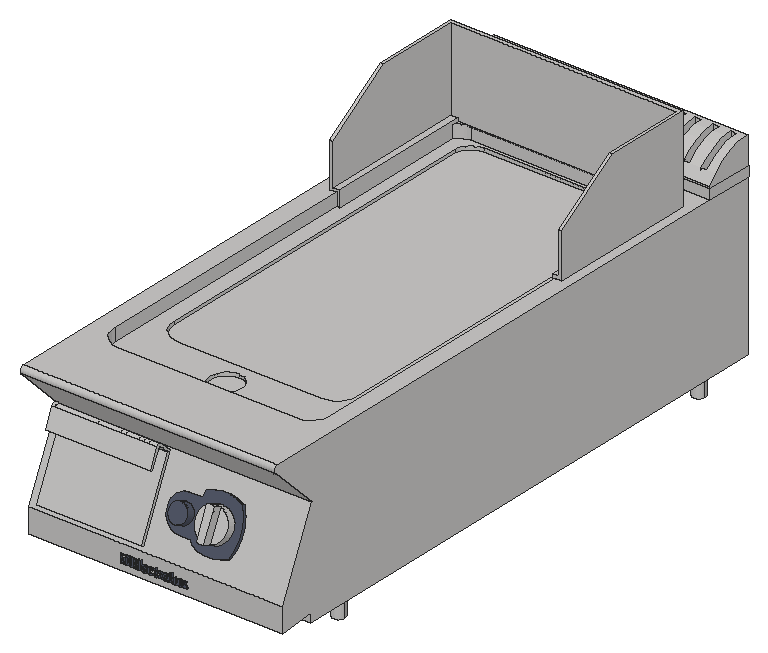
Revit family "QF_ELECTROLUXPROFESSIONAL_391354_E9IILAAOMCA", category Specialty Equipment, Revit 2018
Family settings
  Round Connector Dimension = Use Diameter
  Part Type = Normal
  Work Plane-Based = No
  Always vertical = Yes
  Cut with Voids When Loaded = No
  Shared = No
  Room Calculation Point = No
Parameters
  Width = 400 mm  # constant formula
  Weight in Pounds = 55  # constant formula
  Watts = 0 W
  URL Cutsheet = "www.electrolux.com/foodservice"
  URL = "www.electrolux.com/foodservice"
  Type Mark [instance] = ""
  Status [instance] = ""
  Specification by User [instance] = ""
  Specification by Manufacturer = ""
  Show Logo [instance] = yes
  Show Clearance [instance] = yes
  Serial Number = ""
  Seismic Rating = ""
  SMACNA No = ""
  Revision Code [instance] = ""
  Omniclass Number and Title = ""
  NAFEM Spec ID Number = ""
  Model = "391049"
  Mechanical Remarks [instance] = ""
  Mechanical Connection Type [instance] = ""
  Masterspec = ""
  Manufacturer = "ELECTROLUX"
  Item Number [instance] = ""
  Installed By [instance] = ""
  Identify Quantity as Lot [instance] = yes
  Height = 410 mm  # constant formula
  HP = "0 HP"
  Gas Size = 1/2"
  Gas RI Height [instance] = 0 mm
  Gas KW [instance] = 10
  Gas Input [instance] = 34090.0 Btu/h
  Gas Connection Height = 0 mm
  Furnished By [instance] = ""
  Foodservice Equipment Identifier [instance] = yes
  Direct Waste Size = 0"
  Description = "900XP HALF MODULE GAS FRY TOP, RIBBED SLOPED PLATE, MILD STEEL"
  Depth = 930 mm  # constant formula
  CSI MasterFormat = ""
  CSI Master Format = ""
  Base Height [instance] = 24 mm  # constant formula
Reference planes
  plane 1 "BACK": y = 0
  plane 2: z = 0
  plane 3 "LEFT": x = 0
  plane 4 "RIGHT": x = 400
  plane 5 "FRONT": y = -930
  plane 6 "TOP": z = 410
  plane 7 "Center Y": x = 200
  plane 8 "Center X": y = -465
  plane 9 "BASE": z = 24
  plane 10: y = -791
  plane 11: y = -83
  plane 12: x = 348
  plane 13: y = -1045
  plane 14: z = 275
  plane 15: y = -666
  plane 16: y = -346.873
Forms (mm)
  Extrusion 1, solid, material "QF_Clearances", visible <- "Show Clearance", detail levels coarse
    sketch origin (0, 0, 0) x (1, 0, 0) y (0, 1, 0)
      loop
        line (0, -930) -> (0, 0) -> (400.05, 0) -> (400.05, -930) -> (500.069, -930) -> (500.069, 100.019) -> (-100.019, 100.019) -> (-100.019, -930) -> (0, -930)
    from 0 to 410
  Extrusion 2, solid, material "QF_Finishes_Stainless Steel"
    sketch origin (0, -200, 0) x (0, 1, 0) y (0, 0, 1)
      loop
        line (200, 275) -> (-723.497, 275)
        arc (-723.497, 275) -> (-729.729, 270.836) -> (-728.267, 263.485) r 6.745
        line (-728.267, 263.485) -> (-657.416, 192.634) -> (-713.772, 70.59) -> (-713.772, 32.49) -> (-660.4, 38.1) -> (-660.4, 24) -> (200, 24) -> (200, 275)
    from 0 to 400.05
  Extrusion 3, void
    sketch origin (0, -202.381, 275.4) x (-1, 0, 0) y (0, -1, 0)
      loop
        arc (-55.4, -87.381) -> (-37.439, -79.942) -> (-30, -61.981) r 25.4
        line (-30, -61.981) -> (-30, 579.98)
        arc (-30, 579.98) -> (-40.99, 606.513) -> (-67.523, 617.504) r 37.523
        line (-67.523, 617.504) -> (-344.314, 617.504)
        arc (-344.314, 617.504) -> (-366.048, 608.501) -> (-375.05, 586.768) r 30.736
        line (-375.05, 586.768) -> (-375.05, -61.981)
        arc (-375.05, -61.981) -> (-367.611, -79.942) -> (-349.65, -87.381) r 25.4
        line (-349.65, -87.381) -> (-55.4, -87.381)
    from 0 to -20
  Extrusion 4, solid, material "QF_Finishes_Stainless Steel"
    sketch origin (0, -200, 0) x (1, 0, 0) y (0, 1, 0)
      loop
        circle (11.112, 117) r 9.525
      loop
        circle (11.112, -591) r 9.525
      loop
        circle (388.887, 117) r 9.525
      loop
        circle (388.888, -591) r 9.525
    from 0 to 24
  Extrusion 5, solid, material "QF_Finishes_Navy Blue - Electrolux"
    sketch origin (115.456, -913.772, 69.19) x (0, 0.419232, 0.907879) y (-1, 0, 0)
      loop
        arc (102.26, -132.62) -> (97.637, -130.762) -> (92.92, -129.161) r 90.355
        arc (92.92, -129.161) -> (93.04, -117.639) -> (92.027, -106.161) r 117.12
        arc (92.027, -106.161) -> (66.337, -82.611) -> (38.409, -103.459) r 27.322
        arc (38.409, -103.459) -> (36.611, -116.6) -> (37.509, -129.833) r 65.199
        arc (37.509, -129.833) -> (34.4, -130.94) -> (31.333, -132.16) r 90.355
        arc (31.333, -132.16) -> (24.504, -161.269) -> (31.333, -190.378) r 65.456
        arc (31.333, -190.378) -> (66.877, -199.452) -> (102.26, -189.765) r 71.728
        arc (102.26, -189.765) -> (108.852, -161.193) -> (102.26, -132.62) r 65.22
    from 0 to 3.175
  Extrusion 6, solid, material "QF_Finishes_Stainless Steel"
    sketch origin (115.456, -917.486, 68.721) x (0, 0.419232, 0.907879) y (-1, 0, 0)
      loop
        circle (68.826, -160.963) r 25.4
    from 0 to 12.7
  Extrusion 7, solid, material "QF_Finishes_Stainless Steel"
    sketch origin (115.456, -929.016, 74.045) x (0, 0.419232, 0.907879) y (-1, 0, 0)
      loop
        arc (93.558, -166.749) -> (94.226, -160.963) -> (93.558, -155.177) r 25.4
        line (93.558, -155.177) -> (44.094, -155.177)
        arc (44.094, -155.177) -> (43.426, -160.963) -> (44.094, -166.749) r 25.4
        line (44.094, -166.749) -> (93.558, -166.749)
    from 0 to 12.7
  Extrusion 8, solid, material "QF_Finishes_Navy Blue - Electrolux", visible <- "Show Logo"
    sketch origin (-142.26, -913.772, 35.853) x (0, 0, 1) y (-1, 0, 0)
      loop
        line (20.674, -296.698) -> (8.307, -296.698)
        arc (8.307, -296.698) -> (14.491, -301.27) -> (20.674, -296.698) r 6.467
      loop
        arc (20.674, -296.069) -> (19.505, -290.926) -> (14.849, -288.448) r 6.338
        line (14.849, -288.448) -> (14.849, -290.494)
        arc (14.849, -290.494) -> (16.333, -294.149) -> (19.778, -296.069) r 5.941
        line (19.778, -296.069) -> (20.674, -296.069)
      loop
        arc (9.203, -296.069) -> (12.648, -294.149) -> (14.132, -290.494) r 5.941
        line (14.132, -290.494) -> (14.132, -288.448)
        arc (14.132, -288.448) -> (9.438, -290.922) -> (8.148, -296.069) r 6.504
        line (8.148, -296.069) -> (9.203, -296.069)
      loop
        line (21.349, -287.979) -> (7.604, -287.979) -> (7.604, -301.742) -> (21.349, -301.742) -> (21.349, -287.979)
      loop
        arc (21.432, -304.71) -> (21.085, -304.352) -> (20.718, -304.69) r 0.358
        arc (20.718, -304.69) -> (20.404, -305.44) -> (19.687, -305.825) r 1.216
        line (19.687, -305.825) -> (9.274, -305.825)
        arc (9.274, -305.825) -> (8.614, -305.548) -> (8.218, -304.951) r 1.238
        arc (8.218, -304.951) -> (7.823, -304.7) -> (7.518, -305.054) r 0.358
        line (7.518, -305.054) -> (7.518, -314.933) -> (10.269, -314.933) -> (10.269, -314.036)
        arc (10.269, -314.036) -> (9.36, -313.456) -> (8.904, -312.479) r 1.928
        line (8.904, -312.479) -> (8.904, -309.98)
        arc (8.904, -309.98) -> (9.18, -309.251) -> (9.868, -308.887) r 1.101
        line (9.868, -308.887) -> (13.955, -308.887) -> (13.955, -312.561)
        arc (13.955, -312.561) -> (13.602, -313.058) -> (13.037, -313.286) r 1.083
        arc (13.037, -313.286) -> (12.773, -313.591) -> (13.065, -313.869) r 0.292
        line (13.065, -313.869) -> (16.028, -313.869)
        arc (16.028, -313.869) -> (16.33, -313.596) -> (16.092, -313.266) r 0.305
        arc (16.092, -313.266) -> (15.601, -313.018) -> (15.296, -312.561) r 1.083
        line (15.296, -312.561) -> (15.296, -308.887) -> (19.973, -308.887) -> (19.973, -312.635)
        arc (19.973, -312.635) -> (19.759, -313.39) -> (19.153, -313.888) r 1.314
        arc (19.153, -313.888) -> (18.934, -314.292) -> (19.288, -314.585) r 0.361
        line (19.288, -314.585) -> (21.432, -314.585) -> (21.432, -304.71)
      loop
        arc (20.715, -315.365) -> (20.335, -316.284) -> (19.416, -316.664) r 1.299
        line (19.416, -316.664) -> (9.837, -316.664)
        arc (9.837, -316.664) -> (8.999, -316.286) -> (8.728, -315.408) r 1.118
        line (8.728, -315.408) -> (7.518, -315.408) -> (7.518, -320.758) -> (8.706, -320.758)
        arc (8.706, -320.758) -> (8.978, -319.841) -> (9.848, -319.445) r 1.153
        line (9.848, -319.445) -> (21.92, -319.445) -> (20.715, -315.365)
      loop
        line (12.483, -323.394) -> (12.483, -329.842) -> (13.282, -329.842)
        arc (13.282, -329.842) -> (15.862, -328.857) -> (17.131, -326.404) r 3.874
        line (17.131, -326.404) -> (17.131, -324.643)
        arc (17.131, -324.643) -> (15.944, -321.778) -> (13.08, -320.592) r 4.051
        line (13.08, -320.592) -> (11.072, -320.592)
        arc (11.072, -320.592) -> (8.253, -322.077) -> (7.202, -325.084) r 4.352
        arc (7.202, -325.084) -> (7.566, -327.547) -> (8.943, -329.621) r 5.713
        line (8.943, -329.621) -> (9.892, -329.621)
        arc (9.892, -329.621) -> (9.16, -328.052) -> (8.943, -326.334) r 5.579
        arc (8.943, -326.334) -> (9.737, -324.371) -> (11.616, -323.394) r 3.057
        line (11.616, -323.394) -> (12.483, -323.394)
      loop
        line (13.742, -323.394) -> (13.742, -326.977)
        arc (13.742, -326.977) -> (15.199, -327.024) -> (16.082, -325.864) r 1.59
        line (16.082, -325.864) -> (16.082, -325.034)
        arc (16.082, -325.034) -> (15.217, -323.779) -> (13.742, -323.394) r 2.184
      loop
        arc (16.533, -339.259) -> (17.022, -337.585) -> (17.179, -335.848) r 9.023
        line (17.179, -335.848) -> (17.179, -334.486)
        arc (17.179, -334.486) -> (16.02, -331.686) -> (13.22, -330.527) r 3.959
        line (13.22, -330.527) -> (10.62, -330.527)
        arc (10.62, -330.527) -> (8.338, -331.819) -> (7.221, -334.192) r 4.331
        line (7.221, -334.192) -> (7.221, -336.327)
        arc (7.221, -336.327) -> (7.729, -337.877) -> (8.651, -339.223) r 5.772
        arc (8.651, -339.223) -> (9.412, -339.274) -> (9.499, -338.515) r 0.553
        arc (9.499, -338.515) -> (9.111, -337.781) -> (8.977, -336.962) r 2.573
        line (8.977, -336.962) -> (8.977, -335.447)
        arc (8.977, -335.447) -> (9.983, -333.806) -> (11.798, -333.163) r 2.884
        line (11.798, -333.163) -> (13.077, -333.163)
        arc (13.077, -333.163) -> (14.898, -333.723) -> (15.824, -335.388) r 2.554
        line (15.824, -335.388) -> (15.824, -336.441)
        arc (15.824, -336.441) -> (15.493, -337.369) -> (14.836, -338.104) r 2.564
        arc (14.836, -338.104) -> (14.614, -338.821) -> (15.223, -339.259) r 0.643
        line (15.223, -339.259) -> (16.533, -339.259)
      loop
        line (15.515, -339.53) -> (15.515, -341.031) -> (9.467, -341.031)
        arc (9.467, -341.031) -> (7.879, -341.688) -> (7.221, -343.276) r 2.246
        line (7.221, -343.276) -> (7.221, -344.86)
        arc (7.221, -344.86) -> (7.535, -345.725) -> (8.035, -346.496) r 4.06
        arc (8.035, -346.496) -> (8.768, -346.629) -> (9.019, -345.928) r 0.576
        arc (9.019, -345.928) -> (8.913, -345.403) -> (8.977, -344.87) r 1.69
        arc (8.977, -344.87) -> (9.519, -344.082) -> (10.425, -343.779) r 1.506
        line (10.425, -343.779) -> (15.563, -343.779) -> (15.563, -346.176) -> (16.119, -346.733) -> (16.941, -346.733) -> (16.941, -343.873) -> (20.172, -343.873) -> (15.515, -339.53)
      loop
        line (7.438, -347.63) -> (7.438, -353.017) -> (8.548, -353.017)
        arc (8.548, -353.017) -> (8.942, -352.066) -> (9.893, -351.672) r 1.345
        line (9.893, -351.672) -> (13.509, -351.672)
        arc (13.509, -351.672) -> (14.274, -352.264) -> (14.564, -353.186) r 1.615
        line (14.564, -353.186) -> (14.564, -354.742) -> (17.119, -355.427) -> (17.119, -354.044) -> (15.177, -351.485) -> (17.057, -351.485) -> (16.773, -348.779)
        arc (16.773, -348.779) -> (16.333, -348.249) -> (15.674, -348.45) r 0.621
        arc (15.674, -348.45) -> (15.274, -348.792) -> (14.78, -348.975) r 1.501
        line (14.78, -348.975) -> (9.893, -348.975)
        arc (9.893, -348.975) -> (8.942, -348.581) -> (8.548, -347.63) r 1.345
        line (8.548, -347.63) -> (7.438, -347.63)
      loop
        line (13.54, -354.964) -> (10.848, -354.964)
        arc (10.848, -354.964) -> (8.403, -356.272) -> (7.269, -358.803) r 4.288
        arc (7.269, -358.803) -> (7.205, -360.183) -> (7.269, -361.563) r 15.022
        arc (7.269, -361.563) -> (8.403, -364.094) -> (10.848, -365.401) r 4.288
        line (10.848, -365.401) -> (13.54, -365.401)
        arc (13.54, -365.401) -> (15.986, -364.094) -> (17.119, -361.563) r 4.288
        arc (17.119, -361.563) -> (17.183, -360.183) -> (17.119, -358.803) r 15.022
        arc (17.119, -358.803) -> (15.986, -356.272) -> (13.54, -354.964) r 4.288
      loop
        line (13.745, -358.078) -> (10.643, -358.078)
        arc (10.643, -358.078) -> (8.486, -360.235) -> (10.643, -362.392) r 2.157
        line (10.643, -362.392) -> (13.745, -362.392)
        arc (13.745, -362.392) -> (15.902, -360.235) -> (13.745, -358.078) r 2.157
      loop
        arc (20.726, -365.26) -> (20.355, -366.154) -> (19.461, -366.524) r 1.264
        line (19.461, -366.524) -> (9.597, -366.524)
        arc (9.597, -366.524) -> (8.727, -366.127) -> (8.455, -365.211) r 1.153
        line (8.455, -365.211) -> (7.518, -365.211) -> (7.518, -370.319) -> (8.446, -370.319)
        arc (8.446, -370.319) -> (8.805, -369.547) -> (9.597, -369.232) r 1.153
        line (9.597, -369.232) -> (21.92, -369.232) -> (20.726, -365.26)
      loop
        arc (15.846, -369.857) -> (15.647, -370.921) -> (14.678, -371.403) r 1.215
        line (14.678, -371.403) -> (9.658, -371.403)
        arc (9.658, -371.403) -> (8.043, -372.051) -> (7.322, -373.634) r 2.338
        line (7.322, -373.634) -> (7.322, -375.148)
        arc (7.322, -375.148) -> (7.497, -376.152) -> (7.999, -377.038) r 2.979
        line (7.999, -377.038) -> (7.518, -378.835) -> (7.518, -380.524) -> (16.943, -380.524) -> (16.649, -376.32) -> (15.863, -376.32)
        arc (15.863, -376.32) -> (15.507, -377.156) -> (14.755, -377.665) r 1.605
        line (14.755, -377.665) -> (9.652, -377.665)
        arc (9.652, -377.665) -> (9.232, -376.728) -> (9.159, -375.704) r 2.94
        arc (9.159, -375.704) -> (9.72, -374.603) -> (10.873, -374.16) r 1.724
        line (10.873, -374.16) -> (17.07, -374.16) -> (15.846, -369.857)
      loop
        line (16.874, -381.377) -> (15.202, -383.423) -> (12.028, -385.729) -> (8.572, -382.617)
        arc (8.572, -382.617) -> (8.335, -382.223) -> (8.357, -381.764) r 0.789
        line (8.357, -381.764) -> (7.518, -381.764) -> (7.518, -385.309) -> (8.344, -385.309)
        arc (8.344, -385.309) -> (8.686, -384.947) -> (9.176, -385.039) r 0.52
        line (9.176, -385.039) -> (10.976, -386.51) -> (8.858, -387.886)
        arc (8.858, -387.886) -> (8.457, -387.576) -> (8.37, -387.076) r 0.7
        line (8.37, -387.076) -> (7.518, -387.076) -> (7.518, -393.003) -> (8.405, -393.003)
        arc (8.405, -393.003) -> (8.472, -392.344) -> (8.866, -391.813) r 1.247
        line (8.866, -391.813) -> (13.066, -388.532) -> (15.513, -390.585) -> (16.874, -392.327) -> (16.874, -388.604) -> (15.389, -389.026) -> (13.868, -387.749) -> (15.568, -386.559) -> (16.874, -387.336) -> (16.874, -381.377)
    from 0 to 1.644
  Extrusion 9, solid, material "QF_Finishes_Stainless Steel"
    sketch origin (0, -200, 0) x (0, 1, 0) y (0, 0, 1)
      loop
        line (-658.831, 188.559) -> (-675.238, 204.966)
        arc (-675.238, 204.966) -> (-679.705, 206.368) -> (-683.409, 203.504) r 5.058
        line (-683.409, 203.504) -> (-696.071, 175.994) -> (-693.187, 174.666) -> (-680.525, 202.176)
        arc (-680.525, 202.176) -> (-679.146, 203.243) -> (-677.483, 202.721) r 1.883
        line (-677.483, 202.721) -> (-662.64, 187.878) -> (-713.474, 77.433) -> (-710.589, 76.105) -> (-658.831, 188.559)
    from 12.7 to 177.8
  Extrusion 10, solid, material "QF_Door-Drawer Clearances", visible <- "Show Clearance", detail levels coarse
    sketch origin (0, -301.6, 0) x (0, 1, 0) y (0, 0, 1)
      loop
        line (-576.323, 206.368) -> (-709.631, 206.368)
        arc (-709.631, 206.368) -> (-711.835, 205.39) -> (-713.335, 203.504) r 5.058
        line (-713.335, 203.504) -> (-725.997, 175.994) -> (-723.113, 174.666) -> (-710.451, 202.176)
        arc (-710.451, 202.176) -> (-709.072, 203.243) -> (-707.409, 202.721) r 1.883
        line (-707.409, 202.721) -> (-692.566, 187.878) -> (-743.4, 77.433) -> (-740.516, 76.105) -> (-608.989, 76.105) -> (-557.231, 188.559) -> (-573.638, 204.966)
        arc (-573.638, 204.966) -> (-574.873, 205.873) -> (-576.323, 206.368) r 5.058
    from 12.7 to 177.8
  Extrusion 11, solid, material "QF_Finishes_Stainless Steel"
    sketch origin (0, 0, 24) x (-1, 0, 0) y (0, 1, 0)
      loop
        circle (-348.05, -666) r 6.4
    from 0 to 18
  Extrusion 12, solid, material "QF_Finishes_Stainless Steel"
    sketch origin (0, -200, 0) x (0, -1, 0) y (0, 0, 1)
      loop
        line (-124.988, 275) -> (-124.988, 290) -> (-200, 290) -> (-200, 275) -> (-124.988, 275)
    from 0 to -400.05
  Extrusion 13, solid, material "QF_Finishes_Stainless Steel"
    sketch origin (0, 0, 0) x (0, 1, 0) y (0, 0, 1)
      loop
        line (0, 290) -> (0, 333.762)
        arc (0, 333.762) -> (-42.919, 323.313) -> (-75.012, 292.959) r 86.116
        line (-75.012, 292.959) -> (-75.012, 290) -> (0, 290)
    from 0 to 400
  Extrusion 14, void
    sketch origin (0, 0, 273.238) x (-1, 0, 0) y (0, -1, 0)
      loop
        line (-13.453, 6.761) -> (-13.453, 63.911) -> (-22.749, 63.911) -> (-22.749, 6.761) -> (-13.453, 6.761)
    from 25.4 to 63.5
  Extrusion 15, void
    sketch origin (400.05, 0, 273.238) x (1, 0, 0) y (0, 1, 0)
      loop
        line (-13.503, -6.761) -> (-22.799, -6.761) -> (-22.799, -63.911) -> (-13.503, -63.911) -> (-13.503, -6.761)
    from 25.4 to 63.5
  Extrusion 16, void
    sketch origin (27.988, 0, 273.238) x (-1, 0, 0) y (0, -1, 0)
      loop
        line (-13.453, 6.761) -> (-13.453, 63.911) -> (-22.749, 63.911) -> (-22.749, 6.761) -> (-13.453, 6.761)
    from 25.4 to 63.5
  Extrusion 17, void
    sketch origin (55.977, 0, 273.238) x (-1, 0, 0) y (0, -1, 0)
      loop
        line (-13.453, 6.761) -> (-13.453, 63.911) -> (-22.749, 63.911) -> (-22.749, 6.761) -> (-13.453, 6.761)
    from 25.4 to 63.5
  Extrusion 18, void
    sketch origin (83.965, 0, 273.238) x (-1, 0, 0) y (0, -1, 0)
      loop
        line (-13.428, 6.761) -> (-13.428, 63.911) -> (-22.724, 63.911) -> (-22.724, 6.761) -> (-13.428, 6.761)
    from 25.4 to 63.5
  Extrusion 19, void
    sketch origin (111.953, 0, 273.238) x (-1, 0, 0) y (0, -1, 0)
      loop
        line (-13.428, 6.761) -> (-13.428, 63.911) -> (-22.724, 63.911) -> (-22.724, 6.761) -> (-13.428, 6.761)
    from 25.4 to 63.5
  Extrusion 20, void
    sketch origin (139.942, 0, 273.238) x (-1, 0, 0) y (0, -1, 0)
      loop
        line (-13.428, 6.761) -> (-13.428, 63.911) -> (-22.724, 63.911) -> (-22.724, 6.761) -> (-13.428, 6.761)
    from 25.4 to 63.5
  Extrusion 21, void
    sketch origin (167.93, 0, 273.238) x (-1, 0, 0) y (0, -1, 0)
      loop
        line (-13.428, 6.761) -> (-13.428, 63.911) -> (-22.724, 63.911) -> (-22.724, 6.761) -> (-13.428, 6.761)
    from 25.4 to 63.5
  Extrusion 22, void
    sketch origin (307.872, 0, 273.238) x (-1, 0, 0) y (0, -1, 0)
      loop
        line (-13.403, 6.761) -> (-13.403, 63.911) -> (-22.699, 63.911) -> (-22.699, 6.761) -> (-13.403, 6.761)
    from 25.4 to 63.5
  Extrusion 23, void
    sketch origin (335.86, 0, 273.238) x (-1, 0, 0) y (0, -1, 0)
      loop
        line (-13.403, 6.761) -> (-13.403, 63.911) -> (-22.699, 63.911) -> (-22.699, 6.761) -> (-13.403, 6.761)
    from 25.4 to 63.5
  Extrusion 24, void
    sketch origin (228.013, 0, 273.238) x (-1, 0, 0) y (0, -1, 0)
      loop
        line (-13.428, 6.761) -> (-13.428, 63.911) -> (-22.724, 63.911) -> (-22.724, 6.761) -> (-13.428, 6.761)
    from 25.4 to 63.5
  Extrusion 25, void
    sketch origin (256.002, 0, 273.238) x (-1, 0, 0) y (0, -1, 0)
      loop
        line (-13.428, 6.761) -> (-13.428, 63.911) -> (-22.724, 63.911) -> (-22.724, 6.761) -> (-13.428, 6.761)
    from 25.4 to 63.5
  Extrusion 26, void
    sketch origin (283.99, 0, 273.238) x (-1, 0, 0) y (0, -1, 0)
      loop
        line (-13.403, 6.761) -> (-13.403, 63.911) -> (-22.699, 63.911) -> (-22.699, 6.761) -> (-13.403, 6.761)
    from 25.4 to 63.5
  Extrusion 27, void
    sketch origin (200.025, 0, 273.238) x (-1, 0, 0) y (0, -1, 0)
      loop
        line (-13.428, 6.761) -> (-13.428, 63.911) -> (-22.724, 63.911) -> (-22.724, 6.761) -> (-13.428, 6.761)
    from 25.4 to 63.5
  Extrusion 28, void
    sketch origin (0, -202.381, 255.4) x (0, -1, 0) y (-1, 0, 0)
      loop
        arc (-56.619, -55) -> (-74.579, -62.439) -> (-82.019, -80.4) r 25.4
        line (-82.019, -80.4) -> (-82.019, -322.6)
        arc (-82.019, -322.6) -> (-74.579, -340.561) -> (-56.619, -348) r 25.4
        line (-56.619, -348) -> (501.768, -348)
        arc (501.768, -348) -> (523.501, -338.998) -> (532.504, -317.264) r 30.736
        line (532.504, -317.264) -> (532.504, -92.523)
        arc (532.504, -92.523) -> (521.513, -65.99) -> (494.98, -55) r 37.523
        line (494.98, -55) -> (-56.619, -55)
      loop
        circle (572.619, -200) r 25
    from 0 to 5
  Extrusion 29, solid, material "QF_Finishes_Navy Blue - Electrolux"
    sketch origin (115.456, -916.655, 70.521) x (0, 0.419232, 0.907879) y (-1, 0, 0)
      loop
        circle (65.09, -109.237) r 15
    from 0 to 12.7
  Extrusion 30, solid, material "QF_Finishes_Stainless Steel"
    sketch origin (0, 0, 275) x (0, 0, -1) y (-1, 0, 0)
      loop
        line (19.6, -30) -> (0, -30) -> (0, -20) -> (-135, -20) -> (-135, -25) -> (-5, -25) -> (-5, -35) -> (19.6, -35) -> (19.6, -30)
      loop
        line (19.6, -375.05) -> (19.6, -370.05) -> (-5, -370.05) -> (-5, -380.05) -> (-135, -380.05) -> (-135, -385.05) -> (0, -385.05) -> (0, -375.05) -> (19.6, -375.05)
    from -110 to -346.873
  Extrusion 31, void
    sketch origin (385.05, 0, 292.959) x (0, 0, -1) y (0, -1, 0)
      loop
        line (-52.041, 346.873) -> (-117.041, 346.873) -> (-117.041, 246.781) -> (-52.041, 346.873)
    from 0 to 12.7
  Extrusion 32, void
    sketch origin (25, 0, 292.959) x (0, 0, -1) y (0, -1, 0)
      loop
        line (-52.041, 346.873) -> (-117.041, 346.873) -> (-117.041, 246.781) -> (-52.041, 346.873)
    from 0 to 12.7
  Extrusion 33, solid, material "QF_Finishes_Stainless Steel"
    sketch origin (0, -110, 275) x (0, 0, -1) y (-1, 0, 0)
      loop
        line (-135, -20) -> (-135, -385.05) -> (0, -385.05) -> (0, -20) -> (-135, -20)
    from 0 to -5
Cuts and joins
  Extrusion 3, Extrusion 28 cuts Extrusion 2
  Extrusion 14, Extrusion 15, Extrusion 16, Extrusion 17, Extrusion 18, Extrusion 19, Extrusion 20, Extrusion 21, Extrusion 22, Extrusion 23, Extrusion 24, Extrusion 25, Extrusion 26, Extrusion 27 cuts Extrusion 13
  Extrusion 24 cuts Extrusion 1
  Extrusion 31, Extrusion 32 cuts Extrusion 30
  joined: Extrusion 30, Extrusion 33
Lines and regions (mm)
  Split face 1
    outline origin (115.456, -928.185, 75.846) x (0, 0.419232, 0.907879) y (-1, 0, 0)
      loop
        line (78.679, -108.296) -> (67.103, -108.296) -> (67.103, -110.296) -> (78.679, -110.296) -> (78.679, -108.296)
  symbolic lines, style "QF_Clearances", visible <- "Show Clearance", detail levels coarse
    curve 1: line (-100.019, 100.019, 276.225) -> (-100.019, -930, 276.225)
    curve 2: line (500.069, 100.019, 276.225) -> (-100.019, 100.019, 276.225)
    curve 3: line (500.069, -930, 276.225) -> (500.069, 100.019, 276.225)
  symbolic lines
    curve 4: line (0, -75.012, 276.225) -> (400.05, -75.012, 276.225)
    curve 5: line (0, -930.25, 276.225) -> (0, 0, 276.225)
    curve 6: line (400.05, 0, 276.225) -> (400.05, -930.25, 276.225)
    curve 7: line (30, -346.873, 276.225) -> (30, -782.362, 276.225)
    curve 8: arc (30, -782.362, 276.225) -> (40.99, -808.895, 276.225) -> (67.523, -819.885, 276.225) r 37.523
    curve 9: arc (344.314, -819.885, 276.225) -> (366.048, -810.883, 276.225) -> (375.05, -789.149, 276.225) r 30.736
    curve 10: line (375.05, -789.149, 276.225) -> (375.05, -346.873, 276.225)
    curve 11: line (400.05, -930.25, 276.225) -> (0, -930.25, 276.225)
    curve 12: line (67.523, -819.885, 276.225) -> (344.314, -819.885, 276.225)
    curve 16: line (0, 0, 276.225) -> (400.05, 0, 276.225)
    curve 17: line (22.749, -6.761, 276.225) -> (22.749, -63.911, 276.225)
    curve 18: line (22.749, -63.911, 276.225) -> (13.453, -63.911, 276.225)
    curve 19: line (13.453, -63.911, 276.225) -> (13.453, -6.761, 276.225)
    curve 20: line (13.453, -6.761, 276.225) -> (22.749, -6.761, 276.225)
    curve 21: line (50.737, -6.761, 276.225) -> (50.737, -63.911, 276.225)
    curve 22: line (50.737, -63.911, 276.225) -> (41.441, -63.911, 276.225)
    curve 23: line (41.441, -63.911, 276.225) -> (41.441, -6.761, 276.225)
    curve 24: line (41.441, -6.761, 276.225) -> (50.737, -6.761, 276.225)
    curve 25: line (78.725, -6.761, 276.225) -> (78.725, -63.911, 276.225)
    curve 26: line (78.725, -63.911, 276.225) -> (69.43, -63.911, 276.225)
    curve 27: line (69.43, -63.911, 276.225) -> (69.43, -6.761, 276.225)
    curve 28: line (69.43, -6.761, 276.225) -> (78.725, -6.761, 276.225)
    curve 29: line (106.689, -6.761, 276.225) -> (106.689, -63.911, 276.225)
    curve 30: line (106.689, -63.911, 276.225) -> (97.393, -63.911, 276.225)
    curve 31: line (97.393, -63.911, 276.225) -> (97.393, -6.761, 276.225)
    curve 32: line (97.393, -6.761, 276.225) -> (106.689, -6.761, 276.225)
    curve 33: line (134.677, -6.761, 276.225) -> (134.677, -63.911, 276.225)
    curve 34: line (134.677, -63.911, 276.225) -> (125.381, -63.911, 276.225)
    curve 35: line (125.381, -63.911, 276.225) -> (125.381, -6.761, 276.225)
    curve 36: line (125.381, -6.761, 276.225) -> (134.677, -6.761, 276.225)
    curve 37: line (162.665, -6.761, 276.225) -> (162.665, -63.911, 276.225)
    curve 38: line (162.665, -63.911, 276.225) -> (153.37, -63.911, 276.225)
    curve 39: line (153.37, -63.911, 276.225) -> (153.37, -6.761, 276.225)
    curve 40: line (153.37, -6.761, 276.225) -> (162.665, -6.761, 276.225)
    curve 41: line (190.654, -6.761, 276.225) -> (190.654, -63.911, 276.225)
    curve 42: line (190.654, -63.911, 276.225) -> (181.358, -63.911, 276.225)
    curve 43: line (181.358, -63.911, 276.225) -> (181.358, -6.761, 276.225)
    curve 44: line (181.358, -6.761, 276.225) -> (190.654, -6.761, 276.225)
    curve 45: line (222.749, -6.761, 276.225) -> (222.749, -63.911, 276.225)
    curve 46: line (222.749, -63.911, 276.225) -> (213.453, -63.911, 276.225)
    curve 47: line (213.453, -63.911, 276.225) -> (213.453, -6.761, 276.225)
    curve 48: line (213.453, -6.761, 276.225) -> (222.749, -6.761, 276.225)
    curve 49: line (250.737, -6.761, 276.225) -> (250.737, -63.911, 276.225)
    curve 50: line (250.737, -63.911, 276.225) -> (241.441, -63.911, 276.225)
    curve 51: line (241.441, -63.911, 276.225) -> (241.441, -6.761, 276.225)
    curve 52: line (241.441, -6.761, 276.225) -> (250.737, -6.761, 276.225)
    curve 53: line (278.725, -6.761, 276.225) -> (278.725, -63.911, 276.225)
    curve 54: line (278.725, -63.911, 276.225) -> (269.43, -63.911, 276.225)
    curve 55: line (269.43, -63.911, 276.225) -> (269.43, -6.761, 276.225)
    curve 56: line (269.43, -6.761, 276.225) -> (278.725, -6.761, 276.225)
    curve 57: line (306.689, -6.761, 276.225) -> (306.689, -63.911, 276.225)
    curve 58: line (306.689, -63.911, 276.225) -> (297.393, -63.911, 276.225)
    curve 59: line (297.393, -63.911, 276.225) -> (297.393, -6.761, 276.225)
    curve 60: line (297.393, -6.761, 276.225) -> (306.689, -6.761, 276.225)
    curve 61: line (330.57, -6.761, 276.225) -> (330.57, -63.911, 276.225)
    curve 62: line (330.57, -63.911, 276.225) -> (321.275, -63.911, 276.225)
    curve 63: line (321.275, -63.911, 276.225) -> (321.275, -6.761, 276.225)
    curve 64: line (321.275, -6.761, 276.225) -> (330.57, -6.761, 276.225)
    curve 65: line (358.559, -6.761, 276.225) -> (358.559, -63.911, 276.225)
    curve 66: line (358.559, -63.911, 276.225) -> (349.263, -63.911, 276.225)
    curve 67: line (349.263, -63.911, 276.225) -> (349.263, -6.761, 276.225)
    curve 68: line (349.263, -6.761, 276.225) -> (358.559, -6.761, 276.225)
    curve 69: line (386.547, -6.761, 276.225) -> (386.547, -63.911, 276.225)
    curve 70: line (386.547, -63.911, 276.225) -> (377.251, -63.911, 276.225)
    curve 71: line (377.251, -63.911, 276.225) -> (377.251, -6.761, 276.225)
    curve 72: line (377.251, -6.761, 276.225) -> (386.547, -6.761, 276.225)
    curve 73: line (20, -110, 276.225) -> (20, -346.873, 276.225)
    curve 74: line (385.05, -110, 276.225) -> (20, -110, 276.225)
    curve 75: line (385.05, -346.873, 276.225) -> (385.05, -110, 276.225)
    curve 76: line (20, -346.873, 276.225) -> (35, -346.873, 276.225)
    curve 77: line (370.05, -346.873, 276.225) -> (385.05, -346.873, 276.225)
    curve 78: arc (55, -145.762, 276.225) -> (62.439, -127.802, 276.225) -> (80.4, -120.362, 276.225) r 25.4
    curve 79: line (80.4, -120.362, 276.225) -> (322.6, -120.362, 276.225)
    curve 80: arc (322.6, -120.362, 276.225) -> (340.561, -127.802, 276.225) -> (348, -145.762, 276.225) r 25.4
    curve 81: line (348, -145.762, 276.225) -> (348, -704.149, 276.225)
    curve 82: arc (348, -704.149, 276.225) -> (338.998, -725.883, 276.225) -> (317.264, -734.885, 276.225) r 30.736
    curve 83: line (317.264, -734.885, 276.225) -> (92.523, -734.885, 276.225)
    curve 84: arc (92.523, -734.885, 276.225) -> (65.99, -723.895, 276.225) -> (55, -697.362, 276.225) r 37.523
    curve 85: line (55, -697.362, 276.225) -> (55, -145.762, 276.225)
    curve 86: line (370.05, -346.873, 276.225) -> (370.05, -115, 276.225)
    curve 87: line (380.05, -115, 276.225) -> (380.05, -346.873, 276.225)
    curve 88: line (35, -346.873, 276.225) -> (35, -115, 276.225)
    curve 89: line (25, -346.873, 276.225) -> (25, -115, 276.225)
    curve 90: line (35, -115, 276.225) -> (380.05, -115, 276.225)
    curve 91: arc (370.05, -125.267, 276.225) -> (361.069, -117.712, 276.225) -> (349.65, -115, 276.225) r 25.4
    curve 92: arc (55.4, -115, 276.225) -> (43.981, -117.712, 276.225) -> (35, -125.267, 276.225) r 25.4
    curve 93: arc (200, -750, 276.225) -> (225, -775, 276.225) -> (200, -800, 276.225) r 25
    curve 94: arc (200, -800, 276.225) -> (175, -775, 276.225) -> (200, -750, 276.225) r 25
  symbolic lines, style "QF_Door-Drawer Clearances", visible <- "Show Clearance", detail levels coarse
    curve 13: line (12.7, -930.25, 276.225) -> (12.7, -1045, 276.225)
    curve 14: line (12.7, -1045, 276.225) -> (177.8, -1045, 276.225)
    curve 15: line (177.8, -1045, 276.225) -> (177.8, -930.25, 276.225)
Dimensions and locks
  equal spacing: plane 3 "LEFT", plane 7 "Center Y", plane 4 "RIGHT"
  "Width": plane 3 "LEFT" to plane 4 "RIGHT"
  equal spacing: plane 5 "FRONT", plane 8 "Center X", plane 1 "BACK"
  "Depth": plane 5 "FRONT" to plane 1 "BACK"
  plane 1 "BACK" to plane 5 "FRONT" = 930 mm
  "Base Height": plane 9 "BASE" to level
  plane 9 "BASE" to level = 24 mm
  plane 6 "TOP" to level = 410 mm
  plane 6 "TOP" to plane 9 "BASE" = 386 mm
  plane 13 to plane 1 "BACK" = 1045 mm
  plane 5 "FRONT" to plane 1 "BACK" = 930 mm
  Extrusion 4 sketch curve to plane 1 "BACK" = 83 mm
  plane 10 to plane 11 to plane 1 "BACK" = 708 mm, 83 mm
  Extrusion 4 sketch curve to Extrusion 4 sketch curve = 708 mm
  plane 5 "FRONT" to plane 10 = 139 mm
  Extrusion 11 to plane 9 "BASE" = 18 mm
  plane 14 to plane 9 "BASE" = 251 mm
  plane 15 to plane 1 "BACK" = 666 mm
  plane 9 "BASE" to plane 2 = 24 mm
  cut or joined group of Extrusion 13, Extrusion 14, Extrusion 15, Extrusion 16, Extrusion 17, Extrusion 18, Extrusion 19, Extrusion 20, Extrusion 21, Extrusion 22, Extrusion 23, Extrusion 24, Extrusion 25, Extrusion 26, Extrusion 27 to plane 9 "BASE" = 266 mm
  plane 5 "FRONT" to Extrusion 28 sketch curve = 155 mm
  aligned and locked: level to plane 2
  aligned and locked: plane 9 "BASE" to Extrusion 4
Automatic sketch dimensions
  plane 5 "FRONT" to Extrusion 1 sketch curve = 0 mm  (x2)
  plane 1 "BACK" to Extrusion 1 sketch curve = 0 mm
  Extrusion 1 sketch curve to plane 3 "LEFT" = 0 mm
  Extrusion 1 sketch curve to plane 3 "LEFT" = 100.019 mm
  plane 4 "RIGHT" to Extrusion 1 sketch curve = 0.05 mm
  Extrusion 1 sketch curve to Extrusion 1 sketch curve = 100.019 mm
  Extrusion 1 sketch curve to plane 1 "BACK" = 100.019 mm
  Extrusion 2 sketch curve to plane 14 = 0 mm
  Extrusion 2 sketch curve to plane 9 "BASE" = 0 mm
  Extrusion 2 sketch curve to plane 1 "BACK" = 0 mm
  plane 10 to Extrusion 2 sketch curve = 66.416 mm
  plane 9 "BASE" to Extrusion 2 sketch curve = 14.1 mm
  plane 10 to Extrusion 2 sketch curve = 69.4 mm
  Extrusion 2 sketch curve to plane 5 "FRONT" = 16.228 mm
  Extrusion 2 sketch curve to plane 5 "FRONT" = 6.503 mm
  Extrusion 2 sketch curve to plane 5 "FRONT" = 1.733 mm
  plane 9 "BASE" to Extrusion 2 sketch curve = 8.49 mm
  Extrusion 2 sketch curve to Extrusion 2 sketch curve = 38.1 mm
  Extrusion 2 sketch curve to plane 14 = 82.366 mm
  Extrusion 2 sketch curve to plane 14 = 11.515 mm
  plane 10 to Extrusion 4 sketch curve = 0 mm
  plane 11 to Extrusion 4 sketch curve = 0 mm
  plane 3 "LEFT" to Extrusion 4 sketch curve = 11.112 mm  (x2)
  Extrusion 4 sketch curve to plane 4 "RIGHT" = 11.113 mm  (x2)
  Extrusion 5 sketch curve to Extrusion 5 sketch curve = 0 mm  (x5)
  plane 7 "Center Y" to Extrusion 5 sketch curve = 37.638 mm
  Extrusion 5 sketch curve to Extrusion 5 sketch curve = 55.325 mm
  plane 12 to Extrusion 5 sketch curve = 42.166 mm
  Extrusion 5 sketch curve to Extrusion 5 sketch curve = 6.176 mm
  Extrusion 5 sketch curve to Extrusion 5 sketch curve = 0.9 mm
  Extrusion 5 sketch curve to Extrusion 5 sketch curve = 12.3 mm  (x2)
  Extrusion 5 sketch curve to Extrusion 5 sketch curve = 26.552 mm
  plane 12 to Extrusion 5 sketch curve = 17.051 mm
  Extrusion 5 sketch curve to Extrusion 5 sketch curve = 34.925 mm
  Extrusion 5 sketch curve to Extrusion 5 sketch curve = 1.296 mm
  Extrusion 5 sketch curve to Extrusion 5 sketch curve = 23.703 mm
  plane 7 "Center Y" to Extrusion 5 sketch curve = 21.617 mm
  Extrusion 5 sketch curve to Extrusion 5 sketch curve = 27.065 mm
  Extrusion 5 sketch curve to Extrusion 5 sketch curve = 0.893 mm
  Extrusion 5 sketch curve to Extrusion 5 sketch curve = 8.853 mm
  Extrusion 5 sketch curve to Extrusion 5 sketch curve = 9.34 mm
  Extrusion 5 sketch curve to Extrusion 5 sketch curve = 28.496 mm
  Extrusion 7 sketch curve to Extrusion 7 sketch curve = 24.732 mm
  Extrusion 7 sketch curve to Extrusion 7 sketch curve = 0 mm
  plane 9 "BASE" to Extrusion 8 sketch curve = 14.013 mm
  plane 9 "BASE" to Extrusion 8 sketch curve = 19.054 mm
  plane 7 "Center Y" to Extrusion 8 sketch curve = 2.6 mm
  Extrusion 8 sketch curve to Extrusion 8 sketch curve = 5.06 mm
  Extrusion 8 sketch curve to Extrusion 8 sketch curve = 0 mm  (x28)
  Extrusion 8 sketch curve to Extrusion 8 sketch curve = 5.108 mm  (x2)
  Extrusion 8 sketch curve to Extrusion 8 sketch curve = 0.054 mm
  Extrusion 8 sketch curve to Extrusion 8 sketch curve = 0.218 mm
  Extrusion 8 sketch curve to Extrusion 8 sketch curve = 0.195 mm
  Extrusion 8 sketch curve to Extrusion 8 sketch curve = 0.249 mm
  plane 9 "BASE" to Extrusion 8 sketch curve = 19.371 mm
  Extrusion 8 sketch curve to Extrusion 8 sketch curve = 0.087 mm
  Extrusion 8 sketch curve to Extrusion 8 sketch curve = 0.358 mm
  Extrusion 8 sketch curve to Extrusion 8 sketch curve = 0.481 mm
  Extrusion 8 sketch curve to Extrusion 8 sketch curve = 0.597 mm
  Extrusion 8 sketch curve to Extrusion 8 sketch curve = 0.544 mm
  Extrusion 8 sketch curve to Extrusion 8 sketch curve = 0.936 mm
  Extrusion 8 sketch curve to Extrusion 8 sketch curve = 0.594 mm
  Extrusion 8 sketch curve to Extrusion 8 sketch curve = 0.343 mm
  Extrusion 8 sketch curve to Extrusion 8 sketch curve = 0.159 mm
  Extrusion 8 sketch curve to Extrusion 8 sketch curve = 0.826 mm
  Extrusion 8 sketch curve to Extrusion 8 sketch curve = 0.839 mm
  Extrusion 8 sketch curve to Extrusion 8 sketch curve = 0.852 mm
  Extrusion 8 sketch curve to Extrusion 8 sketch curve = 0.887 mm
  Extrusion 8 sketch curve to Extrusion 8 sketch curve = 0.928 mm
  Extrusion 8 sketch curve to Extrusion 8 sketch curve = 0.938 mm
  Extrusion 8 sketch curve to Extrusion 8 sketch curve = 0.444 mm
  Extrusion 8 sketch curve to Extrusion 8 sketch curve = 1.11 mm  (x3)
  Extrusion 8 sketch curve to Extrusion 8 sketch curve = 0.215 mm
  Extrusion 8 sketch curve to Extrusion 8 sketch curve = 1.43 mm
  Extrusion 8 sketch curve to Extrusion 8 sketch curve = 1.188 mm
  Extrusion 8 sketch curve to Extrusion 8 sketch curve = 1.21 mm  (x2)
  Extrusion 8 sketch curve to Extrusion 8 sketch curve = 0.503 mm
  Extrusion 8 sketch curve to Extrusion 8 sketch curve = 0.488 mm
  Extrusion 8 sketch curve to Extrusion 8 sketch curve = 0.462 mm
  Extrusion 8 sketch curve to Extrusion 8 sketch curve = 1.386 mm
  Extrusion 8 sketch curve to Extrusion 8 sketch curve = 1.742 mm  (x2)
  Extrusion 8 sketch curve to Extrusion 8 sketch curve = 0.821 mm
  Extrusion 8 sketch curve to Extrusion 8 sketch curve = 0.497 mm
  Extrusion 8 sketch curve to Extrusion 8 sketch curve = 0.539 mm
  Extrusion 8 sketch curve to Extrusion 8 sketch curve = 0.686 mm
  Extrusion 8 sketch curve to Extrusion 8 sketch curve = 0.408 mm
  Extrusion 8 sketch curve to Extrusion 8 sketch curve = 0.743 mm
  Extrusion 8 sketch curve to Extrusion 8 sketch curve = 1.16 mm
  Extrusion 8 sketch curve to Extrusion 8 sketch curve = 0.329 mm
  Extrusion 8 sketch curve to Extrusion 8 sketch curve = 1.054 mm
  Extrusion 8 sketch curve to Extrusion 8 sketch curve = 1.056 mm
  Extrusion 8 sketch curve to Extrusion 8 sketch curve = 0.129 mm
  Extrusion 8 sketch curve to Extrusion 8 sketch curve = 0.489 mm
  Extrusion 8 sketch curve to Extrusion 8 sketch curve = 0.441 mm
  Extrusion 8 sketch curve to Extrusion 8 sketch curve = 1.151 mm
  Extrusion 8 sketch curve to Extrusion 8 sketch curve = 1.141 mm  (x2)
  Extrusion 8 sketch curve to Extrusion 8 sketch curve = 0.768 mm
  Extrusion 8 sketch curve to Extrusion 8 sketch curve = 1.653 mm
  Extrusion 8 sketch curve to Extrusion 8 sketch curve = 0.499 mm
  Extrusion 8 sketch curve to Extrusion 8 sketch curve = 0.964 mm
  Extrusion 8 sketch curve to Extrusion 8 sketch curve = 0.949 mm
  Extrusion 8 sketch curve to Extrusion 8 sketch curve = 1.345 mm  (x2)
  Extrusion 8 sketch curve to Extrusion 8 sketch curve = 1.101 mm
  Extrusion 8 sketch curve to Extrusion 8 sketch curve = 0.432 mm
  Extrusion 8 sketch curve to Extrusion 8 sketch curve = 1.142 mm
  Extrusion 8 sketch curve to Extrusion 8 sketch curve = 0.959 mm
  Extrusion 8 sketch curve to Extrusion 8 sketch curve = 0.176 mm
  Extrusion 8 sketch curve to Extrusion 8 sketch curve = 0.728 mm
  Extrusion 8 sketch curve to Extrusion 8 sketch curve = 3.375 mm  (x2)
  Extrusion 8 sketch curve to Extrusion 8 sketch curve = 0.541 mm
  Extrusion 8 sketch curve to Extrusion 8 sketch curve = 0.955 mm
  Extrusion 8 sketch curve to Extrusion 8 sketch curve = 1.251 mm
  Extrusion 8 sketch curve to Extrusion 8 sketch curve = 0.572 mm
  Extrusion 8 sketch curve to Extrusion 8 sketch curve = 1.92 mm
  Extrusion 8 sketch curve to Extrusion 8 sketch curve = 1.224 mm
  Extrusion 8 sketch curve to Extrusion 8 sketch curve = 0.745 mm
  Extrusion 8 sketch curve to Extrusion 8 sketch curve = 2.537 mm
  Extrusion 8 sketch curve to Extrusion 8 sketch curve = 0.896 mm  (x3)
  Extrusion 8 sketch curve to Extrusion 8 sketch curve = 0.036 mm
  Extrusion 8 sketch curve to Extrusion 8 sketch curve = 2.607 mm
  Extrusion 8 sketch curve to Extrusion 8 sketch curve = 0.066 mm
  Extrusion 8 sketch curve to Extrusion 8 sketch curve = 0.248 mm
  Extrusion 8 sketch curve to Extrusion 8 sketch curve = 0.449 mm
  Extrusion 8 sketch curve to Extrusion 8 sketch curve = 1.052 mm
  Extrusion 8 sketch curve to Extrusion 8 sketch curve = 1.863 mm
  Extrusion 8 sketch curve to Extrusion 8 sketch curve = 1.31 mm  (x2)
  Extrusion 8 sketch curve to Extrusion 8 sketch curve = 0.901 mm
  Extrusion 8 sketch curve to Extrusion 8 sketch curve = 1.107 mm
  Extrusion 8 sketch curve to Extrusion 8 sketch curve = 2.122 mm
  Extrusion 8 sketch curve to Extrusion 8 sketch curve = 2.101 mm
  Extrusion 8 sketch curve to Extrusion 8 sketch curve = 0.106 mm
  Extrusion 8 sketch curve to Extrusion 8 sketch curve = 0.029 mm
  Extrusion 8 sketch curve to Extrusion 8 sketch curve = 2.09 mm
  Extrusion 8 sketch curve to Extrusion 8 sketch curve = 1.279 mm
  Extrusion 8 sketch curve to Extrusion 8 sketch curve = 2.008 mm
  Extrusion 8 sketch curve to Extrusion 8 sketch curve = 0.738 mm
  Extrusion 8 sketch curve to Extrusion 8 sketch curve = 0.382 mm
  Extrusion 8 sketch curve to Extrusion 8 sketch curve = 0.384 mm
  Extrusion 8 sketch curve to Extrusion 8 sketch curve = 0.002 mm
  Extrusion 8 sketch curve to Extrusion 8 sketch curve = 0.561 mm
  Extrusion 8 sketch curve to Extrusion 8 sketch curve = 0.592 mm
  Extrusion 8 sketch curve to Extrusion 8 sketch curve = 2.692 mm
  Extrusion 8 sketch curve to Extrusion 8 sketch curve = 1.259 mm
  Extrusion 8 sketch curve to Extrusion 8 sketch curve = 0.802 mm
  Extrusion 8 sketch curve to Extrusion 8 sketch curve = 1.024 mm
  Extrusion 8 sketch curve to Extrusion 8 sketch curve = 0.682 mm
  Extrusion 8 sketch curve to Extrusion 8 sketch curve = 5.934 mm
  Extrusion 8 sketch curve to Extrusion 8 sketch curve = 2.186 mm
  Extrusion 8 sketch curve to Extrusion 8 sketch curve = 0.337 mm
  Extrusion 8 sketch curve to Extrusion 8 sketch curve = 0.021 mm
  Extrusion 8 sketch curve to Extrusion 8 sketch curve = 1.005 mm
  Extrusion 8 sketch curve to Extrusion 8 sketch curve = 0.552 mm
  Extrusion 8 sketch curve to Extrusion 8 sketch curve = 0.778 mm
  Extrusion 8 sketch curve to Extrusion 8 sketch curve = 0.063 mm
  Extrusion 8 sketch curve to Extrusion 8 sketch curve = 1.023 mm
  Extrusion 8 sketch curve to Extrusion 8 sketch curve = 3.804 mm
  Extrusion 8 sketch curve to Extrusion 8 sketch curve = 0.486 mm
  Extrusion 8 sketch curve to Extrusion 8 sketch curve = 0.266 mm  (x2)
  Extrusion 8 sketch curve to Extrusion 8 sketch curve = 1.547 mm
  Extrusion 8 sketch curve to Extrusion 8 sketch curve = 0.717 mm  (x2)
  Extrusion 8 sketch curve to Extrusion 8 sketch curve = 1.667 mm
  Extrusion 8 sketch curve to Extrusion 8 sketch curve = 3.174 mm
  Extrusion 8 sketch curve to Extrusion 8 sketch curve = 0.388 mm
  Extrusion 8 sketch curve to Extrusion 8 sketch curve = 1.342 mm
  Extrusion 8 sketch curve to Extrusion 8 sketch curve = 1.521 mm
  Extrusion 8 sketch curve to Extrusion 8 sketch curve = 0.124 mm
  Extrusion 8 sketch curve to Extrusion 8 sketch curve = 0.291 mm
  plane 7 "Center Y" to Extrusion 8 sketch curve = 3.916 mm
  Extrusion 8 sketch curve to Extrusion 8 sketch curve = 1.049 mm  (x2)
  Extrusion 8 sketch curve to Extrusion 8 sketch curve = 1.7 mm
  Extrusion 8 sketch curve to Extrusion 8 sketch curve = 0.894 mm
  Extrusion 8 sketch curve to Extrusion 8 sketch curve = 0.989 mm
  Extrusion 8 sketch curve to Extrusion 8 sketch curve = 1.168 mm
  Extrusion 8 sketch curve to Extrusion 8 sketch curve = 1.594 mm
  Extrusion 8 sketch curve to Extrusion 8 sketch curve = 0.731 mm
  Extrusion 8 sketch curve to Extrusion 8 sketch curve = 1.566 mm
  Extrusion 8 sketch curve to Extrusion 8 sketch curve = 0.064 mm
  plane 7 "Center Y" to Extrusion 8 sketch curve = 4.472 mm
  Extrusion 8 sketch curve to Extrusion 8 sketch curve = 0.556 mm  (x2)
  Extrusion 8 sketch curve to Extrusion 8 sketch curve = 0.48 mm
  Extrusion 8 sketch curve to Extrusion 8 sketch curve = 0.228 mm
  Extrusion 8 sketch curve to Extrusion 8 sketch curve = 1.018 mm
  Extrusion 8 sketch curve to Extrusion 8 sketch curve = 0.787 mm
  Extrusion 8 sketch curve to Extrusion 8 sketch curve = 0.618 mm
  Extrusion 8 sketch curve to Extrusion 8 sketch curve = 1.672 mm
  Extrusion 8 sketch curve to Extrusion 8 sketch curve = 1.361 mm
  Extrusion 8 sketch curve to Extrusion 8 sketch curve = 0.822 mm
  Extrusion 8 sketch curve to Extrusion 8 sketch curve = 0.069 mm
  Extrusion 8 sketch curve to Extrusion 8 sketch curve = 1.88 mm
  Extrusion 8 sketch curve to Extrusion 8 sketch curve = 0.42 mm
  Extrusion 8 sketch curve to Extrusion 8 sketch curve = 0.062 mm
  Extrusion 8 sketch curve to Extrusion 8 sketch curve = 1.355 mm
  Extrusion 8 sketch curve to Extrusion 8 sketch curve = 2.34 mm
  Extrusion 8 sketch curve to Extrusion 8 sketch curve = 0.493 mm
  Extrusion 8 sketch curve to Extrusion 8 sketch curve = 0.136 mm
  Extrusion 8 sketch curve to Extrusion 8 sketch curve = 0.128 mm
  Extrusion 8 sketch curve to Extrusion 8 sketch curve = 3.616 mm
  Extrusion 8 sketch curve to Extrusion 8 sketch curve = 4.207 mm
  Extrusion 8 sketch curve to Extrusion 8 sketch curve = 0.183 mm
  Extrusion 8 sketch curve to Extrusion 8 sketch curve = 0.895 mm
  Extrusion 8 sketch curve to Extrusion 8 sketch curve = 1.314 mm
  plane 7 "Center Y" to Extrusion 8 sketch curve = 1.612 mm
  Extrusion 8 sketch curve to Extrusion 8 sketch curve = 3.231 mm
  Extrusion 8 sketch curve to Extrusion 8 sketch curve = 1.299 mm
  Extrusion 8 sketch curve to Extrusion 8 sketch curve = 1.214 mm
  Extrusion 8 sketch curve to Extrusion 8 sketch curve = 1.264 mm
  Extrusion 8 sketch curve to Extrusion 8 sketch curve = 0.109 mm
  Extrusion 8 sketch curve to Extrusion 8 sketch curve = 0.357 mm
  Extrusion 8 sketch curve to Extrusion 8 sketch curve = 0.565 mm
  Extrusion 8 sketch curve to Extrusion 8 sketch curve = 2.504 mm
  Extrusion 8 sketch curve to Extrusion 8 sketch curve = 2.459 mm
  Extrusion 8 sketch curve to Extrusion 8 sketch curve = 1.322 mm
  Extrusion 8 sketch curve to Extrusion 8 sketch curve = 2.77 mm
  Extrusion 8 sketch curve to Extrusion 8 sketch curve = 2.51 mm
  Extrusion 8 sketch curve to Extrusion 8 sketch curve = 0.187 mm
  Extrusion 8 sketch curve to Extrusion 8 sketch curve = 2.559 mm
  Extrusion 8 sketch curve to Extrusion 8 sketch curve = 1.556 mm
  Extrusion 8 sketch curve to Extrusion 8 sketch curve = 0.222 mm
  Extrusion 8 sketch curve to Extrusion 8 sketch curve = 1.383 mm
  Extrusion 8 sketch curve to Extrusion 8 sketch curve = 3.114 mm
  Extrusion 8 sketch curve to Extrusion 8 sketch curve = 3.376 mm
  Extrusion 8 sketch curve to Extrusion 8 sketch curve = 0.934 mm
  Extrusion 8 sketch curve to Extrusion 8 sketch curve = 0.191 mm
  Extrusion 8 sketch curve to Extrusion 8 sketch curve = 3.696 mm
  Extrusion 8 sketch curve to Extrusion 8 sketch curve = 2.708 mm
  Extrusion 8 sketch curve to Extrusion 8 sketch curve = 3.333 mm
  Extrusion 8 sketch curve to Extrusion 8 sketch curve = 0.332 mm
  Extrusion 8 sketch curve to Extrusion 8 sketch curve = 1.087 mm
  Extrusion 8 sketch curve to Extrusion 8 sketch curve = 2.23 mm
  Extrusion 8 sketch curve to Extrusion 8 sketch curve = 2.757 mm
  Extrusion 8 sketch curve to Extrusion 8 sketch curve = 0.987 mm
  Extrusion 8 sketch curve to Extrusion 8 sketch curve = 1.529 mm
  Extrusion 8 sketch curve to Extrusion 8 sketch curve = 1.796 mm
  Extrusion 8 sketch curve to Extrusion 8 sketch curve = 2.859 mm
  Extrusion 8 sketch curve to Extrusion 8 sketch curve = 0.853 mm
  Extrusion 8 sketch curve to Extrusion 8 sketch curve = 1.241 mm
  Extrusion 8 sketch curve to Extrusion 8 sketch curve = 2.046 mm  (x2)
  Extrusion 8 sketch curve to Extrusion 8 sketch curve = 2.422 mm
  Extrusion 8 sketch curve to Extrusion 8 sketch curve = 0.27 mm  (x2)
  Extrusion 8 sketch curve to Extrusion 8 sketch curve = 0.69 mm
  Extrusion 8 sketch curve to Extrusion 8 sketch curve = 0.781 mm  (x2)
  Extrusion 8 sketch curve to Extrusion 8 sketch curve = 3.136 mm
  Extrusion 8 sketch curve to Extrusion 8 sketch curve = 1.767 mm
  Extrusion 8 sketch curve to Extrusion 8 sketch curve = 0.138 mm
  Extrusion 8 sketch curve to Extrusion 8 sketch curve = 0.777 mm
  Extrusion 8 sketch curve to Extrusion 8 sketch curve = 1.19 mm
  Extrusion 8 sketch curve to Extrusion 8 sketch curve = 0.782 mm
  Extrusion 8 sketch curve to Extrusion 8 sketch curve = 1.268 mm
  Extrusion 8 sketch curve to Extrusion 8 sketch curve = 0.422 mm  (x2)
  Extrusion 8 sketch curve to Extrusion 8 sketch curve = 1.559 mm
  Extrusion 8 sketch curve to Extrusion 8 sketch curve = 3.927 mm
  Extrusion 8 sketch curve to Extrusion 8 sketch curve = 0.983 mm
  Extrusion 8 sketch curve to Extrusion 8 sketch curve = 1.134 mm
  plane 7 "Center Y" to Extrusion 8 sketch curve = 1.016 mm
  Extrusion 8 sketch curve to Extrusion 8 sketch curve = 1.501 mm
  Extrusion 8 sketch curve to Extrusion 8 sketch curve = 1.808 mm
  Extrusion 8 sketch curve to Extrusion 8 sketch curve = 0.643 mm
  Extrusion 8 sketch curve to Extrusion 8 sketch curve = 0.916 mm
  Extrusion 8 sketch curve to Extrusion 8 sketch curve = 0.352 mm
  Extrusion 8 sketch curve to Extrusion 8 sketch curve = 0.458 mm
  Extrusion 8 sketch curve to Extrusion 8 sketch curve = 1.282 mm
  Extrusion 8 sketch curve to Extrusion 8 sketch curve = 1.363 mm
  Extrusion 8 sketch curve to Extrusion 8 sketch curve = 0.685 mm
  Extrusion 8 sketch curve to Extrusion 8 sketch curve = 0.905 mm
  Extrusion 8 sketch curve to Extrusion 8 sketch curve = 2.865 mm
  Extrusion 8 sketch curve to Extrusion 8 sketch curve = 0.472 mm
  Extrusion 8 sketch curve to Extrusion 8 sketch curve = 0.101 mm
  Extrusion 8 sketch curve to Extrusion 8 sketch curve = 0.54 mm
  Extrusion 8 sketch curve to Extrusion 8 sketch curve = 0.02 mm
  Extrusion 8 sketch curve to Extrusion 8 sketch curve = 0.468 mm
  Extrusion 8 sketch curve to Extrusion 8 sketch curve = 0.829 mm
  Extrusion 8 sketch curve to Extrusion 8 sketch curve = 0.582 mm
  Extrusion 8 sketch curve to Extrusion 8 sketch curve = 0.166 mm
  Extrusion 8 sketch curve to Extrusion 8 sketch curve = 0.16 mm
  Extrusion 8 sketch curve to Extrusion 8 sketch curve = 2.781 mm
  Extrusion 8 sketch curve to Extrusion 8 sketch curve = 1.118 mm
  Extrusion 8 sketch curve to Extrusion 8 sketch curve = 0.613 mm
  Extrusion 8 sketch curve to Extrusion 8 sketch curve = 0.361 mm
  Extrusion 8 sketch curve to Extrusion 8 sketch curve = 0.897 mm
  Extrusion 8 sketch curve to Extrusion 8 sketch curve = 0.167 mm
  Extrusion 8 sketch curve to Extrusion 8 sketch curve = 0.292 mm
  Extrusion 8 sketch curve to Extrusion 8 sketch curve = 0.305 mm
  Extrusion 8 sketch curve to Extrusion 8 sketch curve = 1.557 mm
  Extrusion 8 sketch curve to Extrusion 8 sketch curve = 2.499 mm
  Extrusion 8 sketch curve to Extrusion 8 sketch curve = 3.062 mm
  Extrusion 8 sketch curve to Extrusion 8 sketch curve = 2.968 mm
  Extrusion 8 sketch curve to Extrusion 8 sketch curve = 5.044 mm
  Extrusion 8 sketch curve to Extrusion 8 sketch curve = 0.629 mm  (x2)
  Extrusion 8 sketch curve to Extrusion 8 sketch curve = 1.131 mm
  Extrusion 8 sketch curve to Extrusion 8 sketch curve = 0.137 mm
  Extrusion 8 sketch curve to Extrusion 8 sketch curve = 0.027 mm
  Extrusion 8 sketch curve to Extrusion 8 sketch curve = 2.235 mm
  Extrusion 9 sketch curve to Extrusion 9 sketch curve = 0 mm  (x2)
  Extrusion 9 sketch curve to plane 5 "FRONT" = 16.526 mm
  Extrusion 9 sketch curve to Extrusion 9 sketch curve = 2.884 mm  (x3)
  Extrusion 9 sketch curve to plane 5 "FRONT" = 33.929 mm
  Extrusion 9 sketch curve to Extrusion 9 sketch curve = 12.662 mm
  Extrusion 9 sketch curve to Extrusion 9 sketch curve = 1.711 mm
  Extrusion 9 sketch curve to Extrusion 9 sketch curve = 1.332 mm
  Extrusion 9 sketch curve to Extrusion 9 sketch curve = 2.245 mm
  Extrusion 9 sketch curve to Extrusion 9 sketch curve = 14.843 mm
  Extrusion 9 sketch curve to Extrusion 9 sketch curve = 3.809 mm
  plane 9 "BASE" to Extrusion 9 sketch curve = 52.105 mm
  Extrusion 9 sketch curve to Extrusion 9 sketch curve = 1.327 mm  (x2)
  Extrusion 9 sketch curve to Extrusion 9 sketch curve = 13.211 mm
  Extrusion 9 sketch curve to Extrusion 9 sketch curve = 0.787 mm
  Extrusion 10 sketch curve to Extrusion 10 sketch curve = 0 mm  (x2)
  Extrusion 10 sketch curve to plane 13 = 0 mm
  Extrusion 10 sketch curve to plane 13 = 2.884 mm
  Extrusion 10 sketch curve to plane 13 = 17.403 mm
  Extrusion 10 sketch curve to Extrusion 10 sketch curve = 2.884 mm  (x2)
  Extrusion 10 sketch curve to plane 13 = 30.065 mm
  Extrusion 10 sketch curve to Extrusion 10 sketch curve = 0.82 mm
  Extrusion 10 sketch curve to Extrusion 10 sketch curve = 1.711 mm
  Extrusion 10 sketch curve to Extrusion 10 sketch curve = 1.332 mm
  Extrusion 10 sketch curve to Extrusion 10 sketch curve = 14.843 mm
  Extrusion 10 sketch curve to plane 5 "FRONT" = 19.411 mm
  Extrusion 10 sketch curve to plane 5 "FRONT" = 51.186 mm
  Extrusion 10 sketch curve to Extrusion 10 sketch curve = 0.891 mm
  Extrusion 10 sketch curve to Extrusion 10 sketch curve = 2.686 mm
  Extrusion 10 sketch curve to Extrusion 10 sketch curve = 16.406 mm
  plane 9 "BASE" to Extrusion 10 sketch curve = 52.105 mm
  Extrusion 10 sketch curve to Extrusion 10 sketch curve = 1.327 mm  (x2)
  Extrusion 10 sketch curve to Extrusion 10 sketch curve = 13.211 mm
  Extrusion 10 sketch curve to plane 14 = 86.441 mm
  Extrusion 10 sketch curve to Extrusion 10 sketch curve = 0.787 mm
  Extrusion 10 sketch curve to Extrusion 10 sketch curve = 4.979 mm
  Extrusion 11 sketch curve to plane 15 = 0 mm
  Extrusion 11 sketch curve to plane 12 = 0.05 mm
  Extrusion 12 sketch curve to Extrusion 2 = 0 mm  (x2)
  Extrusion 2 to Extrusion 12 sketch curve = 15 mm
  Extrusion 12 sketch curve to Extrusion 2 = 75.012 mm
  Extrusion 13 sketch curve to plane 1 "BACK" = 0 mm
  plane 1 "BACK" to Extrusion 13 sketch curve = 1.769 mm
  Extrusion 13 sketch curve to plane 11 = 7.988 mm
  Extrusion 13 sketch curve to plane 14 = 27.335 mm
  plane 14 to Extrusion 13 sketch curve = 15 mm
  Extrusion 13 sketch curve to Extrusion 13 sketch curve = 2.959 mm
  plane 1 "BACK" to Extrusion 14 sketch curve = 6.761 mm
  plane 3 "LEFT" to Extrusion 14 sketch curve = 22.749 mm
  Extrusion 14 sketch curve to Extrusion 14 sketch curve = 9.296 mm
  Extrusion 14 sketch curve to plane 11 = 19.089 mm
  Extrusion 15 sketch curve to plane 1 "BACK" = 6.761 mm
  plane 4 "RIGHT" to Extrusion 15 sketch curve = 22.749 mm
  Extrusion 15 sketch curve to Extrusion 15 sketch curve = 9.296 mm
  plane 11 to Extrusion 15 sketch curve = 19.089 mm
  plane 1 "BACK" to Extrusion 16 sketch curve = 6.761 mm
  plane 3 "LEFT" to Extrusion 16 sketch curve = 50.737 mm
  Extrusion 16 sketch curve to Extrusion 16 sketch curve = 9.296 mm
  Extrusion 16 sketch curve to plane 11 = 19.089 mm
  plane 1 "BACK" to Extrusion 17 sketch curve = 6.761 mm
  plane 3 "LEFT" to Extrusion 17 sketch curve = 78.725 mm
  Extrusion 17 sketch curve to Extrusion 17 sketch curve = 9.296 mm
  Extrusion 17 sketch curve to plane 11 = 19.089 mm
  plane 1 "BACK" to Extrusion 18 sketch curve = 6.761 mm
  Extrusion 18 sketch curve to plane 7 "Center Y" = 93.311 mm
  Extrusion 18 sketch curve to Extrusion 18 sketch curve = 9.296 mm
  Extrusion 18 sketch curve to plane 11 = 19.089 mm
  plane 1 "BACK" to Extrusion 19 sketch curve = 6.761 mm
  Extrusion 19 sketch curve to plane 7 "Center Y" = 65.323 mm
  Extrusion 19 sketch curve to Extrusion 19 sketch curve = 9.296 mm
  Extrusion 19 sketch curve to plane 11 = 19.089 mm
  plane 1 "BACK" to Extrusion 20 sketch curve = 6.761 mm
  Extrusion 20 sketch curve to plane 7 "Center Y" = 37.335 mm
  Extrusion 20 sketch curve to Extrusion 20 sketch curve = 9.296 mm
